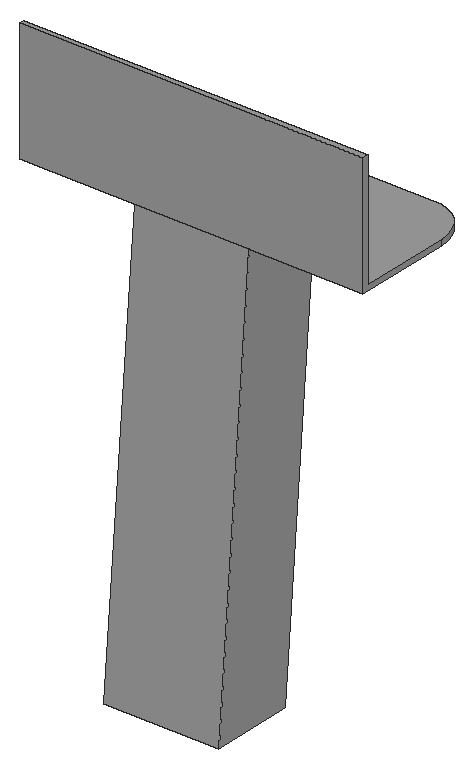
Revit family "Viking Roofspec Scupper 01 M14", category Pipe Fittings, host Face, Revit 2021
Family settings
  Host = Face
  Round Connector Dimension = Use Diameter
  Part Type = Cap
  Cut with Voids When Loaded = Yes
  Shared = No
Parameters (values of type "Scuppers - 100mm x 65mm B")
  URL = "www.vikingroofspec.co.nz"
  Type Comments = "Viking Roofspec 100x65mm PVC scupper SDM052, installed as per manufacturers instructions."
  Model = "SDM052"
  Material = Viking Roofspec - Rubber/PVC Grey
  Manufacturer = "Viking Roofspec"  # constant formula
  Leg Cut Offset = 0 mm
  Leg Length Specified [instance] = 389 mm
  Leg Cut Width = 100 mm
  Leg Cut Height = 65 mm
  Flange Cut Width = 5 mm
  Flange Cut Length = 5 mm
  Default Elevation = 0 mm
  Component = SDM052 : SDM052
Reference planes
  plane 1 "Center (Front/Back)": y = 0
  plane 2: z = 0
  plane 3 "Center (Left/Right)": x = 0
  plane 4 "Pipe Connector": z = -116.857
  plane 5: x = -50
  plane 6: x = 50
  plane 7: y = -1.6
  plane 8: y = 63.4
  plane 9: y = -1.6
Forms (mm)
  Extrusion 1, void
    sketch origin (0, 0, 0) x (0, 1, 0) y (0, 0, 1)
      loop
        line (63.4, 0) -> (-1.6, 0) -> (-35.633, -389) -> (29.367, -389) -> (63.4, 0)
    from -50 to 50
  Extrusion 2, void
    sketch origin (0, 0, 0) x (1, 0, 0) y (0, 0, 1)
      loop
        line (-2.5, 5) -> (-2.5, 0) -> (2.5, 0) -> (2.5, 5) -> (-2.5, 5)
    from 0 to 1.6
Lines and regions (mm)
  reference lines
    curve 1: line (0, 63.4, -389) -> (0, -1.6, -389)
Dimensions and locks
  locked: host face to plane 4 "Pipe Connector" at 116.857
  "Leg Length Specified": plane 2 to curve 1
  equal spacing: plane 5, plane 3 "Center (Left/Right)", plane 6
  "Leg Cut Width": plane 5 to plane 6
  "Leg Cut Offset": plane 9 to plane 7
  "Leg Cut Height": plane 7 to plane 8
  locked: plane 9 to plane 1 "Center (Front/Back)" at 1.6
  equal spacing: Extrusion 2 sketch curve, plane 3 "Center (Left/Right)", Extrusion 2 sketch curve
  "Flange Cut Width": Extrusion 2 sketch curve to Extrusion 2 sketch curve
  "Flange Cut Length": Extrusion 2 sketch curve to host face
  locked: Extrusion 1 sketch curve to level (angle 95.00°)  (x2)
  aligned and locked: plane 2 to host face
  aligned and locked: level to host face
  aligned and locked: level to Extrusion 1 sketch curve
  aligned and locked: plane 7 to Extrusion 1 sketch curve
  aligned and locked: plane 8 to Extrusion 1 sketch curve
  aligned and locked: Extrusion 1 sketch curve to level
  aligned and locked: curve 1 to Extrusion 1 sketch curve
  aligned and locked: plane 8 to curve 1
  aligned and locked: plane 7 to curve 1
  aligned and locked: Extrusion 2 to level
  aligned and locked: plane 6 to Extrusion 1
  aligned and locked: Extrusion 1 to plane 5
Automatic sketch dimensions
  host sketch curve to host sketch curve = 2438.4 mm  (x2)
  Extrusion 2 sketch curve to level = 0 mm
Nested families
  nested 1: "SDM052" at (0, -0.006, 0), Leg Length Specified <- "Leg Length Specified", Material <- "Material", type <- "Component", type "SDM052"
    with Real Leg Length 389 mm, Material Viking Roofspec - Rubber/PVC Grey, Leg Length Specified 389 mm
Definition of nested family "SDM052"
  Parameters (values of type "SDM052")
    Real Leg Length [instance] = if(Leg Length Specified < 100 mm, 100 mm, if(Leg Length Specified > 450 mm, 450 mm, Leg Length Specified))  # 450 mm
    Material [instance] = none
    Manufacturer = "Viking Roofspec"  # constant formula
    Leg Length Specified [instance] = 450 mm
    Default Elevation = 1219.2 mm
  Reference planes
    plane 1 "Center (Front/Back)": y = 0
    plane 2: z = 0
    plane 3 "Center (Left/Right)": x = 0
    plane 4: z = -450
  Forms (mm)
    Extrusion 1, solid, material <- "Material"
      sketch origin (0, 0.006, -0.006) x (0, 0, -1) y (0, 1, 0)
        loop
          line (-110.006, -5) -> (0, -5) -> (0, 123.4) -> (-5, 123.4) -> (-5, 0) -> (-110.006, 0) -> (-110.006, -5)
      from -155 to 155
    Extrusion 2, solid, material <- "Material"
      sketch origin (0, 0.006, -0.006) x (0, 0, -1) y (0, 1, 0)
        loop
          line (0, 69.979) -> (0, -5.019) -> (449.994, -44.388) -> (449.994, 30.61) -> (0, 69.979)
      from -51.6 to 51.6
    Extrusion 3, void
      sketch origin (0, 0.006, -0.006) x (0, 0, -1) y (0, 1, 0)
        loop
          line (449.994, -39.369) -> (449.994, 25.591) -> (-0.133, 64.972) -> (-9.861, 64.972) -> (-9.861, -0.012) -> (0.147, -0.012) -> (449.994, -39.369)
      from -50 to 50
    Extrusion 4, void
      sketch origin (-19.513, -137.674, 0) x (1, 0, 0) y (0, 1, 0)
        loop
          line (174.513, 221.08) -> (199.513, 221.08) -> (199.513, 296.08) -> (134.513, 296.08) -> (134.513, 261.08)
          arc (134.513, 261.08) -> (162.797, 249.364) -> (174.513, 221.08) r 40
        loop
          arc (-135.487, 221.08) -> (-123.771, 249.364) -> (-95.487, 261.08) r 40
          line (-95.487, 261.08) -> (-95.487, 296.08) -> (-160.487, 296.08) -> (-160.487, 221.08) -> (-135.487, 221.08)
      from -10 to 10
  Cuts and joins
    Extrusion 3, Extrusion 4 cuts Extrusion 1
    Extrusion 3 cuts Extrusion 2
  Dimensions and locks
    "Real Leg Length": level to plane 4
    plane 1 "Center (Front/Back)" to Extrusion 2 sketch curve = 69.985 mm
    locked: plane 1 "Center (Front/Back)" to Extrusion 3 sketch curve at 64.978
    locked: Extrusion 2 sketch curve to level (angle 95.00°)
    locked: level to Extrusion 2 sketch curve (angle 85.00°)
    locked: Extrusion 3 sketch curve to level (angle 95.00°)
    locked: level to Extrusion 3 sketch curve (angle 85.00°)
    aligned and locked: level to plane 2
    aligned and locked: plane 4 to Extrusion 2
  Automatic sketch dimensions
    plane 1 "Center (Front/Back)" to Extrusion 1 sketch curve = 4.994 mm
    level to Extrusion 1 sketch curve = 4.994 mm
    Extrusion 1 sketch curve to level = 0.006 mm
    Extrusion 1 sketch curve to Extrusion 1 sketch curve = 5 mm
    Extrusion 3 sketch curve to level = 0.153 mm
    level to Extrusion 3 sketch curve = 0.127 mm
    level to Extrusion 3 sketch curve = 9.854 mm
    plane 1 "Center (Front/Back)" to Extrusion 3 sketch curve = 0.006 mm
    Extrusion 2 sketch curve to plane 4 = 0 mm
    Extrusion 2 sketch curve to level = 0.006 mm
    plane 1 "Center (Front/Back)" to Extrusion 2 sketch curve = 5.013 mm
    Extrusion 1 sketch curve to Extrusion 1 sketch curve = 105.006 mm
    Extrusion 1 sketch curve to plane 1 "Center (Front/Back)" = 123.406 mm
    plane 4 to Extrusion 3 sketch curve = 0 mm
    Extrusion 4 sketch curve to plane 3 "Center (Left/Right)" = 180 mm
    Extrusion 4 sketch curve to Extrusion 4 sketch curve = 25 mm
    Extrusion 4 sketch curve to Extrusion 4 sketch curve = 65 mm  (x2)
    plane 3 "Center (Left/Right)" to Extrusion 4 sketch curve = 115 mm
    Extrusion 4 sketch curve to Extrusion 4 sketch curve = 40 mm
    Extrusion 4 sketch curve to plane 1 "Center (Front/Back)" = 83.406 mm  (x2)
    Extrusion 4 sketch curve to Extrusion 4 sketch curve = 35 mm  (x2)
